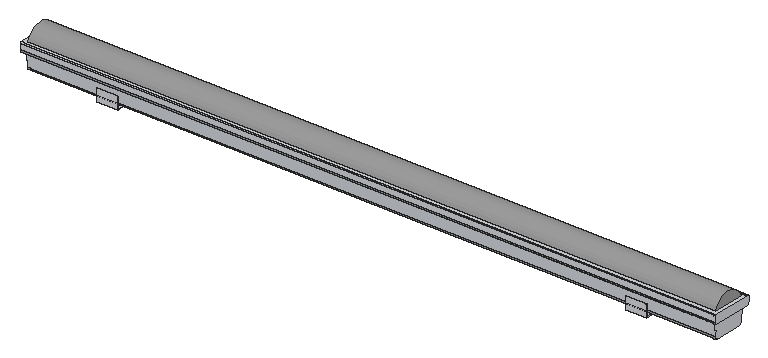
Revit family "0010256", category Lighting Fixtures, host Face, Revit 2018 (continued)
Types (60, lengths in mm): name | Weight | Wattage | TypeName | built-in parameter 1150134 | Photometric Web File | PowerFactor | PowerConsumption | NominalLength | Name | ModelReference | ModelNumber | Model | LuminousEfficacy | built-in parameter 1150105 | Lumens | LampNominalLuminous | LampMacAdamStep | LampColourTemperature | LENGHT_SYL | LENGHT_CHAMFER_SYL | LENGHT-_SYL | LENGHT-_CHAMFER_SYL | L0650_SYL | L1500_SYL | L1200_SYL | built-in parameter 1150107 | built-in parameter 1150106 | built-in parameter 1150104 | DocumentationLiterature | Description | BRACKET_WIDTH_SYL | BRACKET_DIST_SYL | Apparent Load
  0010215 RESISTO 1200 IP66 4800LM 840 QC | "1.61 kg" | 35 W | "Resisto  1200 IP66 4800lm 840 QC" | 12 | "0010215.ies" | 0.95 | "35 W" | 1212 | "Resisto  1200 IP66 4800lm 840 QC" | "Resisto  1200 IP66 4800lm 840 QC" | "0010215" | "Resisto  1200 IP66 4800lm 840 QC" | "137 lm/W" | 1583.6 (stored number, unit not read) | 4795 lm | "4800 lm" | "5" | "4000 K" | 592 | 600 | -592 | -600 | no | no | yes | 4000 (stored number, unit not read) | 15.836 (stored number, unit not read) | 12.728 (stored number, unit not read) | "http://www.sylvania-lighting.com/product/en-int/products/0010215" | "Resisto, integrated LED weatherproof luminaire, with UV stabilized flat diffuser designed to achieve uniform lit appearance, optimise light output and to reduce glare. 301 stainless steel diffuser clips and fixing brackets for surface mounting. Polycarbonate housing and diffuser - no yellow discolouration over time. 4800lm; 35W; 137lm/W; 4000K; SDCM<5; non dimmable; CRI80; IP66; IK08; Class I; 69,000hrs (L80B20) lifespan; 1200mm x 89mm x 88mm; D-mark; assembled with quick connector." | 400 | 444 | 35 VA
  0010214 RESISTO 1200 IP66 2800LM 840 QC | "1.57 kg" | 21 W | "Resisto  1200 IP66 2800lm 840 QC" | 12 | "0010214.ies" | 0.95 | "21 W" | 1212 | "Resisto  1200 IP66 2800lm 840 QC" | "Resisto  1200 IP66 2800lm 840 QC" | "0010214" | "Resisto  1200 IP66 2800lm 840 QC" | "133 lm/W" | 917.95 (stored number, unit not read) | 2793 lm | "2800 lm" | "5" | "4000 K" | 592 | 600 | -592 | -600 | no | no | yes | 4000 (stored number, unit not read) | 9.1795 (stored number, unit not read) | 12.356 (stored number, unit not read) | "http://www.sylvania-lighting.com/product/en-int/products/0010214" | "Resisto, integrated LED weatherproof luminaire, with UV stabilized flat diffuser designed to achieve uniform lit appearance, optimise light output and to reduce glare. 301 stainless steel diffuser clips and fixing brackets for surface mounting. Polycarbonate housing and diffuser - no yellow discolouration over time. 2800lm; 21W; 133lm/W; 4000K; SDCM<5; non dimmable; CRI80; IP66; IK08; Class I; 69,000hrs (L80B20) lifespan; 1200mm x 89mm x 88mm; D-mark; assembled with quick connector." | 400 | 444 | 21 VA
  0010213 RESISTO 1200 IP66 4800LM 865 | "1.54 kg" | 35 W | "Resisto  1200 IP66 4800lm 865" | 1 | "0010213.ies" | 0.95 | "35 W" | 1200 | "Resisto  1200 IP66 4800lm 865" | "Resisto  1200 IP66 4800lm 865" | "0010213" | "Resisto  1200 IP66 4800lm 865" | "137 lm/W" | 1583.6 (stored number, unit not read) | 4795 lm | "4800 lm" | "5" | "6500 K" | 592 | 600 | -592 | -600 | no | no | yes | 6500 (stored number, unit not read) | 15.836 (stored number, unit not read) | 12.728 (stored number, unit not read) | "http://www.sylvania-lighting.com/product/en-int/products/0010213" | "Resisto, integrated LED weatherproof luminaire, with UV stabilized flat diffuser designed to achieve uniform lit appearance, optimise light output and to reduce glare. 301 stainless steel diffuser clips and fixing brackets for surface mounting. Polycarbonate housing and diffuser - no yellow discolouration over time. 4800lm; 35W; 137lm/W; 6500K; SDCM<5; non dimmable; CRI80; IP66; IK08; Class I; 69,000hrs (L80B20) lifespan; 1200mm x 89mm x 88mm; D-mark." | 400 | 444 | 35 VA
  0010212 RESISTO 1200 IP66 2800LM 865 | "1.5 kg" | 21 W | "Resisto  1200 IP66 2800lm 865" | 1 | "0010212.ies" | 0.95 | "21 W" | 1200 | "Resisto  1200 IP66 2800lm 865" | "Resisto  1200 IP66 2800lm 865" | "0010212" | "Resisto  1200 IP66 2800lm 865" | "133 lm/W" | 917.95 (stored number, unit not read) | 2793 lm | "2800 lm" | "5" | "6500 K" | 592 | 600 | -592 | -600 | no | no | yes | 6500 (stored number, unit not read) | 9.1795 (stored number, unit not read) | 12.356 (stored number, unit not read) | "http://www.sylvania-lighting.com/product/en-int/products/0010212" | "Resisto, integrated LED weatherproof luminaire, with UV stabilized flat diffuser designed to achieve uniform lit appearance, optimise light output and to reduce glare. 301 stainless steel diffuser clips and fixing brackets for surface mounting. Polycarbonate housing and diffuser - no yellow discolouration over time. 2800lm; 21W; 133lm/W; 6500K; SDCM<5; non dimmable; CRI80; IP66; IK08; Class I; 69,000hrs (L80B20) lifespan; 1200mm x 89mm x 88mm; D-mark." | 400 | 444 | 21 VA
  0010211 RESISTO 1200 IP66 4800LM 840 | "11.88 kg" | 35 W | "Resisto  1200 IP66 4800lm 840" | 12 | "0010211.ies" | 0.95 | "35.0 W" | 1200 | "Resisto  1200 IP66 4800lm 840" | "Resisto  1200 IP66 4800lm 840" | "0010211" | "Resisto  1200 IP66 4800lm 840" | "137 lm/W" | -7601417.6 (stored number, unit not read) | 4795 lm | "4800 lm" | "5" | "4000 K" | 592 | 600 | -592 | -600 | no | no | yes | 4000 (stored number, unit not read) | -76014.2 (stored number, unit not read) | 12.728 (stored number, unit not read) | "http://www.sylvania-lighting.com/product/en-int/products/0010211" | "Resisto, integrated LED weatherproof luminaire, with UV stabilized flat diffuser designed to achieve uniform lit appearance, optimise light output and to reduce glare. 301 stainless steel diffuser clips and fixing brackets for surface mounting. Polycarbonate housing and diffuser - no yellow discolouration over time. 4800lm; 35W; 137lm/W; 4000K; SDCM<5; non dimmable; CRI80; IP66; IK08; Class I; 69,000hrs (L80B20) lifespan; 1200mm x 89mm x 88mm; D-mark." | 400 | 444 | 35 VA
  0010210 RESISTO 1200 IP66 2800LM 840 | "11.88 kg" | 21 W | "Resisto  1200 IP66 2800lm 840" | 12 | "0010210.ies" | 0.95 | "21.0 W" | 1200 | "Resisto  1200 IP66 2800lm 840" | "Resisto  1200 IP66 2800lm 840" | "0010210" | "Resisto  1200 IP66 2800lm 840" | "133 lm/W" | -2570258.2 (stored number, unit not read) | 2793 lm | "2800 lm" | "5" | "4000 K" | 592 | 600 | -592 | -600 | no | no | yes | 4000 (stored number, unit not read) | -25702.6 (stored number, unit not read) | 12.356 (stored number, unit not read) | "http://www.sylvania-lighting.com/product/en-int/products/0010210" | "Resisto, integrated LED weatherproof luminaire, with UV stabilized flat diffuser designed to achieve uniform lit appearance, optimise light output and to reduce glare. 301 stainless steel diffuser clips and fixing brackets for surface mounting. Polycarbonate housing and diffuser - no yellow discolouration over time. 2800lm; 21W; 133lm/W; 4000K; SDCM<5; non dimmable; CRI80; IP66; IK08; Class I; 69,000hrs (L80B20) lifespan; 1200mm x 89mm x 88mm; D-mark." | 400 | 444 | 21 VA
  0010209 RESISTO 1200 IP66 4800LM 830 | "1.54 kg" | 35 W | "Resisto  1200 IP66 4800lm 830" | (empty or 0) | "0010209.ies" | 0.95 | "35 W" | 1200 | "Resisto  1200 IP66 4800lm 830" | "Resisto  1200 IP66 4800lm 830" | "0010209" | "Resisto  1200 IP66 4800lm 830" | "137 lm/W" | 1583.6 (stored number, unit not read) | 4795 lm | "4800 lm" | "5" | "3000 K" | 592 | 600 | -592 | -600 | no | no | yes | 3000 (stored number, unit not read) | 15.836 (stored number, unit not read) | 12.728 (stored number, unit not read) | "http://www.sylvania-lighting.com/product/en-int/products/0010209" | "Resisto, integrated LED weatherproof luminaire, with UV stabilized flat diffuser designed to achieve uniform lit appearance, optimise light output and to reduce glare. 301 stainless steel diffuser clips and fixing brackets for surface mounting. Polycarbonate housing and diffuser - no yellow discolouration over time. 4800lm; 35W; 137lm/W; 3000K; SDCM<5; non dimmable; CRI80; IP66; IK08; Class I; 69,000hrs (L80B20) lifespan; 1200mm x 89mm x 88mm; D-mark." | 400 | 444 | 35 VA
  0010208 RESISTO 1200 IP66 2800LM 830 | "1.5 kg" | 21 W | "Resisto  1200 IP66 2800lm 830" | (empty or 0) | "0010208.ies" | 0.95 | "21 W" | 1200 | "Resisto  1200 IP66 2800lm 830" | "Resisto  1200 IP66 2800lm 830" | "0010208" | "Resisto  1200 IP66 2800lm 830" | "133 lm/W" | 917.95 (stored number, unit not read) | 2793 lm | "2800 lm" | "5" | "3000 K" | 592 | 600 | -592 | -600 | no | no | yes | 3000 (stored number, unit not read) | 9.1795 (stored number, unit not read) | 12.356 (stored number, unit not read) | "http://www.sylvania-lighting.com/product/en-int/products/0010208" | "Resisto, integrated LED weatherproof luminaire, with UV stabilized flat diffuser designed to achieve uniform lit appearance, optimise light output and to reduce glare. 301 stainless steel diffuser clips and fixing brackets for surface mounting. Polycarbonate housing and diffuser - no yellow discolouration over time. 2800lm; 21W; 133lm/W; 3000K; SDCM<5; non dimmable; CRI80; IP66; IK08; Class I; 69,000hrs (L80B20) lifespan; 1200mm x 89mm x 88mm; D-mark." | 400 | 444 | 21 VA
  0010207 RESISTO 600 HE IP66 2500LM 840 | "0.96 kg" | 16 W | "Resisto  600 HE IP66 2500lm 840" | 12 | "0010207.ies" | 0.95 | "16 W" | 650 | "Resisto  600 HE IP66 2500lm 840" | "Resisto  600 HE IP66 2500lm 840" | "0010207" | "Resisto  600 HE IP66 2500lm 840" | "156 lm/W" | 829.02 (stored number, unit not read) | 2496 lm | "2500 lm" | "3" | "4000 K" | 317 | 325 | -317 | -325 | yes | no | no | 4000 (stored number, unit not read) | 8.2902 (stored number, unit not read) | 14.493 (stored number, unit not read) | "http://www.sylvania-lighting.com/product/en-int/products/0010207" | "Resisto, integrated LED weatherproof luminaire, with UV stabilized flat diffuser designed to achieve uniform lit appearance, optimise light output and to reduce glare. 301 stainless steel diffuser clips and fixing brackets for surface mounting. Polycarbonate housing and diffuser - no yellow discolouration over time. 2500lm; 16W; 156lm/W; 4000K; SDCM<3; non dimmable; CRI80; IP66; IK08; Class I; 69,000hrs (L80B20) lifespan; 650mm x 89mm x 88mm; D-mark." | 125 | 169 | 16 VA
  0010206 RESISTO 600 HE IP66 1400LM 840 | "0.88 kg" | 10 W | "Resisto  600 HE IP66 1400lm 840" | 12 | "0010206.ies" | 0.9 | "10 W" | 650 | "Resisto  600 HE IP66 1400lm 840" | "Resisto  600 HE IP66 1400lm 840" | "0010206" | "Resisto  600 HE IP66 1400lm 840" | "140 lm/W" | 479.25 (stored number, unit not read) | 1400 lm | "1400 lm" | "3" | "4000 K" | 317 | 325 | -317 | -325 | yes | no | no | 4000 (stored number, unit not read) | 4.7925 (stored number, unit not read) | 13.006 (stored number, unit not read) | "http://www.sylvania-lighting.com/product/en-int/products/0010206" | "Resisto, integrated LED weatherproof luminaire, with UV stabilized flat diffuser designed to achieve uniform lit appearance, optimise light output and to reduce glare. 301 stainless steel diffuser clips and fixing brackets for surface mounting. Polycarbonate housing and diffuser - no yellow discolouration over time. 1400lm; 10W; 140lm/W; 4000K; SDCM<3; non dimmable; CRI80; IP66; IK08; Class I; 69,000hrs (L80B20) lifespan; 650mm x 89mm x 88mm; D-mark." | 125 | 169 | 10 VA
  0010205 RESISTO 600 IP66 2500LM 865 | "0.88 kg" | 19 W | "Resisto  600 IP66 2500lm 865" | 1 | "0010205.ies" | 1 | "19 W" | 650 | "Resisto  600 IP66 2500lm 865" | "Resisto  600 IP66 2500lm 865" | "0010205" | "Resisto  600 IP66 2500lm 865" | "132 lm/W" | 833.01 (stored number, unit not read) | 2508 lm | "2500 lm" | "5" | "6500 K" | 317 | 325 | -317 | -325 | yes | no | no | 6500 (stored number, unit not read) | 8.3301 (stored number, unit not read) | 12.263 (stored number, unit not read) | "http://www.sylvania-lighting.com/product/en-int/products/0010205" | "Resisto, integrated LED weatherproof luminaire, with UV stabilized flat diffuser designed to achieve uniform lit appearance, optimise light output and to reduce glare. 301 stainless steel diffuser clips and fixing brackets for surface mounting. Polycarbonate housing and diffuser - no yellow discolouration over time. 2500lm; 19W; 132lm/W; 6500K; SDCM<5; non dimmable; CRI80; IP66; IK08; Class I; 69,000hrs (L80B20) lifespan; 650mm x 89mm x 88mm; D-mark." | 125 | 169 | 19 VA
  0010204 RESISTO 600 IP66 1600LM 865 | "0.88 kg" | 12 W | "Resisto  600 IP66 1600lm 865" | 1 | "0010204.ies" | 0.9 | "12 W" | 650 | "Resisto  600 IP66 1600lm 865" | "Resisto  600 IP66 1600lm 865" | "0010204" | "Resisto  600 IP66 1600lm 865" | "133 lm/W" | 546.34 (stored number, unit not read) | 1596 lm | "1600 lm" | "5" | "6500 K" | 317 | 325 | -317 | -325 | yes | no | no | 6500 (stored number, unit not read) | 5.4634 (stored number, unit not read) | 12.356 (stored number, unit not read) | "http://www.sylvania-lighting.com/product/en-int/products/0010204" | "Resisto, integrated LED weatherproof luminaire, with UV stabilized flat diffuser designed to achieve uniform lit appearance, optimise light output and to reduce glare. 301 stainless steel diffuser clips and fixing brackets for surface mounting. Polycarbonate housing and diffuser - no yellow discolouration over time. 1600lm; 12W; 133lm/W; 6500K; SDCM<5; non dimmable; CRI80; IP66; IK08; Class I; 69,000hrs (L80B20) lifespan; 650mm x 89mm x 88mm; D-mark." | 125 | 169 | 12 VA
  0010203 RESISTO 600 IP66 2500LM 840 | "10.2 kg" | 19 W | "Resisto  600 IP66 2500lm 840" | 12 | "0010203.ies" | 0.95 | "19.0 W" | 650 | "Resisto  600 IP66 2500lm 840" | "Resisto  600 IP66 2500lm 840" | "0010203" | "Resisto  600 IP66 2500lm 840" | "132 lm/W" | -2082492.7 (stored number, unit not read) | 2508 lm | "2500 lm" | "5" | "4000 K" | 317 | 325 | -317 | -325 | yes | no | no | 4000 (stored number, unit not read) | -20824.9 (stored number, unit not read) | 12.263 (stored number, unit not read) | "http://www.sylvania-lighting.com/product/en-int/products/0010203" | "Resisto, integrated LED weatherproof luminaire, with UV stabilized flat diffuser designed to achieve uniform lit appearance, optimise light output and to reduce glare. 301 stainless steel diffuser clips and fixing brackets for surface mounting. Polycarbonate housing and diffuser - no yellow discolouration over time. 2500lm; 19W; 132lm/W; 4000K; SDCM<5; non dimmable; CRI80; IP66; IK08; Class I; 69,000hrs (L80B20) lifespan; 650mm x 89mm x 88mm; D-mark." | 125 | 169 | 19 VA
  0010202 RESISTO 600 IP66 1600LM 840 | "10.2 kg" | 12 W | "Resisto  600 IP66 1600lm 840" | 12 | "0010202.ies" | 0.9 | "12.0 W" | 650 | "Resisto  600 IP66 1600lm 840" | "Resisto  600 IP66 1600lm 840" | "0010202" | "Resisto  600 IP66 1600lm 840" | "133 lm/W" | -874129.2 (stored number, unit not read) | 1596 lm | "1600 lm" | "5" | "4000 K" | 317 | 325 | -317 | -325 | yes | no | no | 4000 (stored number, unit not read) | -8741.3 (stored number, unit not read) | 12.356 (stored number, unit not read) | "http://www.sylvania-lighting.com/product/en-int/products/0010202" | "Resisto, integrated LED weatherproof luminaire, with UV stabilized flat diffuser designed to achieve uniform lit appearance, optimise light output and to reduce glare. 301 stainless steel diffuser clips and fixing brackets for surface mounting. Polycarbonate housing and diffuser - no yellow discolouration over time. 1600lm; 12W; 133lm/W; 4000K; SDCM<5; non dimmable; CRI80; IP66; IK08; Class I; 69,000hrs (L80B20) lifespan; 650mm x 89mm x 88mm; D-mark." | 125 | 169 | 12 VA
  0010279 RESISTO 1500 HE IP66 DALI 8300LM 840 | "2.01 kg" | 54 W | "Resisto 1500 HE IP66 DALI 8300lm 840" | 12 | "0010279.ies" | 0.99 | "54 W" | 1500 | "Resisto 1500 HE IP66 DALI 8300lm 840" | "Resisto 1500 HE IP66 DALI 8300lm 840" | "0010279" | "Resisto 1500 HE IP66 DALI 8300lm 840" | "154 lm/W" | 2773 (stored number, unit not read) | 8316 lm | "8300 lm" | "3" | "4000 K" | 742 | 750 | -742 | -750 | no | yes | no | 4000 (stored number, unit not read) | 27.73 (stored number, unit not read) | 14.307 (stored number, unit not read) | "http://www.sylvania-lighting.com/product/en-int/products/0010279" | "Resisto, integrated LED weatherproof luminaire, with UV stabilized flat diffuser designed to achieve uniform lit appearance, optimise light output and to reduce glare. 301 stainless steel diffuser clips and fixing brackets for surface mounting. Polycarbonate housing and diffuser - no yellow discolouration over time. 8300lm; 54W; 154lm/W; 4000K; SDCM<3; DALI dimmable; CRI80; IP66; IK08; Class I; 69,000hrs (L80B20) lifespan; 1500mm x 89mm x 88mm; D-mark." | 550 | 594 | 54 VA
